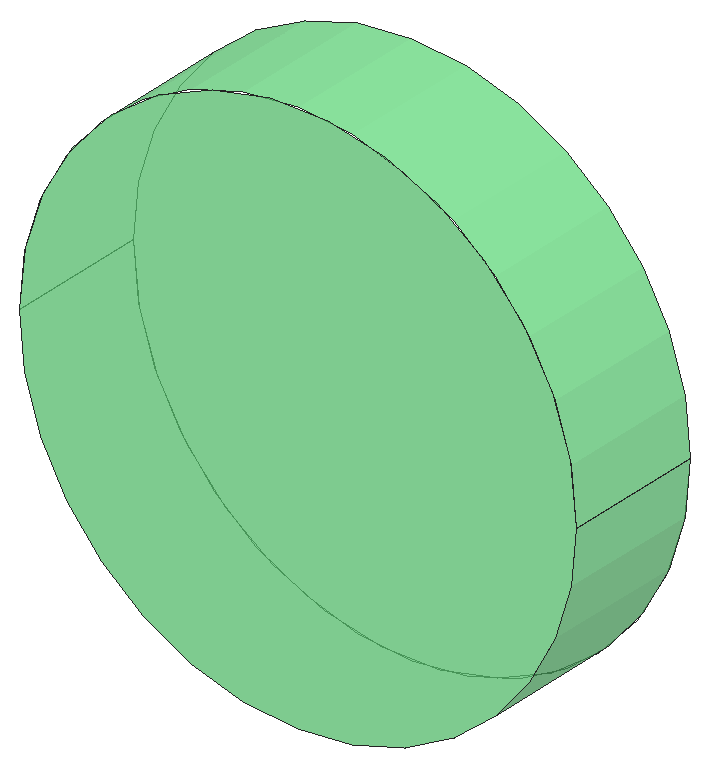
Revit family "501_MEP_Задание_Гильза_Стены", category Оборудование, Revit 2020
Family settings
  Размер круглого соединителя = Использовать диаметр
  Классификация = Нет
  Тип детали = Нормальный
  На основе рабочей плоскости = Нет
  Всегда вертикально = Да
  При загрузке вырезать с полостями = Нет
  Общий = Нет
  Точка расчета площади = Нет
Parameters (values of type "АУПТ")
  Отметка по умолчанию = 0 mm
  Ключевая пометка = "501_MEP"  # constant formula
  КП_Р_Толщина стенки = 6 mm
  Радиус (стандарт) [instance] = SYS_MAX / 2  # 500 mm
  КП_Р_Радиус [instance] = КП_Р_Диаметр / 2  # 550 mm
  SYS_MAX [instance] = if(Ширина > Высота, Ширина, Высота)  # 1000 mm
  КП_Р_Диаметр [instance] = SYS_MAX + Расширение границ * 2  # 1100 mm
  Заливка цветом = Заливка Цветная Прямоугольное Отверстие : Фиолетовый
  SYS_YES = 1 = 1  # yes
  SYS_WIDTH [instance] = Ширина / 2 + Расширение границ  # 550 mm
  Ширина [instance] = 1000 mm
  Толщина [instance] = 280 mm
  Расширение границ [instance] = 50 mm
  Описание = "Для плагина «Менеджер отверстий»"  # constant formula
  Комментарии к типоразмеру = "АУПТ"
  Группа модели = "Задание на гильзу в стене"  # constant formula
  SYS_OFFSET_UP [instance] = 0 mm
  SYS_OFFSET_DOWN [instance] = 0 mm
  SYS_NO = 1 = 0  # no
  SYS_HEIGHT [instance] = Высота / 2 + Расширение границ  # 550 mm
  Высота [instance] = 1000 mm
Types (5, lengths in mm): name | Заливка цветом | Комментарии к типоразмеру
  ОВ | Заливка Цветная Прямоугольное Отверстие : Желтый | "ОВ"
  ВК | Заливка Цветная Прямоугольное Отверстие : Синий | "ВК"
  ЭОМ | Заливка Цветная Прямоугольное Отверстие : Красный | "ЭОМ"
  СС | Заливка Цветная Прямоугольное Отверстие : Зеленый | "СС"
  АУПТ | Заливка Цветная Прямоугольное Отверстие : Фиолетовый | "АУПТ"
Reference planes
  plane 1 "Центр (Вперед/Назад)": y = 0
  plane 2 "Вниз": z = 0
  plane 3 "По центру (Влево/Вправо)": x = 0
  plane 4 "Вверх": z = 1000
  plane 5 "Влево": x = -500
  plane 6 "Вправо": x = 500
  plane 7 "Центр (Вверх/Вниз)": z = 500
  plane 8 "Назад": y = 140
  plane 9 "Вперед": y = -140
  plane 10: x = -550
  plane 11: z = 1050
  plane 12: x = 550
  plane 13: z = -50
  plane 14: z = 0
  plane 15: z = 1000
Forms (mm)
  Extrusion 1, solid
    sketch origin (-606.998, -140, 1200) x (-1, 0, 0) y (0, 0, 1)
      loop
        circle (-606.998, -700) r 550
    from 0 to 280 <- "Толщина"
Lines and regions (mm)
  model lines, style "00"
    curve 1: line (0, 0, 1000) -> (0, 0, 0)
  model lines, style "Обмен заданиями_MEP", detail levels fine
    curve 2: circle (0, -140, 500) r 500 normal (0, 1, 0)
    curve 3: circle (0, 140, 500) r 500 normal (0, 1, 0)
Dimensions and locks
  equal spacing: plane 5 "Влево", plane 3 "По центру (Влево/Вправо)", plane 6 "Вправо"
  equal spacing: plane 4 "Вверх", plane 7 "Центр (Вверх/Вниз)", plane 2 "Вниз"
  "Ширина": plane 5 "Влево" to plane 6 "Вправо"
  "Высота": plane 4 "Вверх" to plane 2 "Вниз"
  "Толщина": plane 8 "Назад" to plane 9 "Вперед"
  equal spacing: plane 8 "Назад", plane 1 "Центр (Вперед/Назад)", plane 9 "Вперед"
  "SYS_WIDTH": plane 3 "По центру (Влево/Вправо)" to plane 10
  "SYS_WIDTH": plane 12 to plane 3 "По центру (Влево/Вправо)"
  "SYS_HEIGHT": plane 7 "Центр (Вверх/Вниз)" to plane 13
  "SYS_HEIGHT": plane 11 to plane 7 "Центр (Вверх/Вниз)"
  "SYS_OFFSET_DOWN": plane 2 "Вниз" to plane 14
  "SYS_OFFSET_UP": plane 15 to plane 4 "Вверх"
  locked: plane 3 "По центру (Влево/Вправо)" to Extrusion 1 sketch curve
  locked: Extrusion 1 sketch curve to plane 7 "Центр (Вверх/Вниз)"
  locked: curve 3 to plane 3 "По центру (Влево/Вправо)"
  locked: plane 3 "По центру (Влево/Вправо)" to curve 2
  locked: curve 2 to plane 7 "Центр (Вверх/Вниз)"
  locked: curve 3 to plane 7 "Центр (Вверх/Вниз)" at 0
  "КП_Р_Диаметр": diameter of Extrusion 1 sketch curve
  "Радиус (стандарт)": radius of curve 3
  "Радиус (стандарт)": radius of curve 2
  aligned and locked: level to plane 2 "Вниз"
  aligned and locked: plane 3 "По центру (Влево/Вправо)" to nested 1
  aligned and locked: plane 1 "Центр (Вперед/Назад)" to nested 1
  aligned and locked: plane 15 to curve 1
  aligned and locked: plane 14 to curve 1
  aligned and locked: curve 1 to plane 3 "По центру (Влево/Вправо)"
Nested families
  nested 1: "Заливка Цветная Прямоугольное Отверстие" at (0, 0, 0), L <- "КП_Р_Диаметр", W <- "Толщина", План <- "SYS_YES", type <- "Заливка цветом", type "Фиолетовый"
    with Черный (план) no, Фиолетовый (план) yes, Синий (план) no, План yes, Оранжевый (план) no, Красный (план) no, Зеленый (план) no, Желтый (план) no, Голубой (план) no, W 280 mm, L 1100 mm, AW 50 mm, AL 50 mm
Definition of nested family "Заливка Цветная Прямоугольное Отверстие"
  Parameters (values of type "Зеленый")
    Черный (план) [instance] = and(Черный, План)  # no
    Черный = no
    Фиолетовый (план) [instance] = and(Фиолетовый, План)  # no
    Фиолетовый = no
    Синий (план) [instance] = and(Синий, План)  # no
    Синий = no
    План [instance] = yes
    Оранжевый (план) [instance] = and(Оранжевый, План)  # no
    Оранжевый = no
    Красный (план) [instance] = and(Красный, План)  # no
    Красный = no
    Зеленый (план) [instance] = and(Зеленый, План)  # yes
    Зеленый = yes
    Желтый (план) [instance] = and(Желтый, План)  # no
    Желтый = no
    Голубой (план) [instance] = and(Голубой, План)  # no
    Голубой = no
    L [instance] = 400 mm
    W [instance] = 200 mm
    AW [instance] = if(and(L > 500 mm, W > 500 mm), 100 mm, 50 mm)  # 50 mm
    AL [instance] = if(and(L > 500 mm, W > 500 mm), 100 mm, 50 mm)  # 50 mm
  Types (8, lengths in mm): name | Черный (план) | Черный | Фиолетовый (план) | Фиолетовый | Синий (план) | Синий | Оранжевый (план) | Оранжевый | Красный (план) | Красный | Зеленый (план) | Зеленый | Желтый (план) | Желтый | Голубой (план) | Голубой
    Красный | no | no | no | no | no | no | no | no | yes | yes | no | no | no | no | no | no
    Желтый | no | no | no | no | no | no | no | no | no | no | no | no | yes | yes | no | no
    Оранжевый | no | no | no | no | no | no | yes | yes | no | no | no | no | no | no | no | no
    Голубой | no | no | no | no | no | no | no | no | no | no | no | no | no | no | yes | yes
    Синий | no | no | no | no | yes | yes | no | no | no | no | no | no | no | no | no | no
    Фиолетовый | no | no | yes | yes | no | no | no | no | no | no | no | no | no | no | no | no
    Черный | yes | yes | no | no | no | no | no | no | no | no | no | no | no | no | no | no
    Зеленый | no | no | no | no | no | no | no | no | no | no | yes | yes | no | no | no | no
  Reference planes
    plane 1 "По центру (Вперед/Назад)": y = 0
    plane 2: z = 0
    plane 3 "По центру (Влево/Вправо)": x = 0
    plane 4: x = 200
    plane 5: x = -200
    plane 6: y = 100
    plane 7: y = -100
    plane 8: y = 50
    plane 9: x = -150
  Lines and regions (mm)
    Filled region 1, type "Черный", in view "Опорный уровень", visible <- "Черный"
      outline origin (0, 0, 0) x (1, 0, 0) y (0, 1, 0)
        loop
          line (-200, 100) -> (-200, -100) -> (-150, 50) -> (200, 100) -> (-200, 100)
    Filled region 2, type "Голубой", in view "Опорный уровень", visible <- "Голубой"
      outline origin (0, 0, 0) x (1, 0, 0) y (0, 1, 0)
        loop
          line (-200, 100) -> (-200, -100) -> (-150, 50) -> (200, 100) -> (-200, 100)
    Filled region 3, type "Желтый", in view "Опорный уровень", visible <- "Желтый"
      outline origin (0, 0, 0) x (1, 0, 0) y (0, 1, 0)
        loop
          line (-200, 100) -> (-200, -100) -> (-150, 50) -> (200, 100) -> (-200, 100)
    Filled region 4, type "Зеленый", in view "Опорный уровень", visible <- "Зеленый"
      outline origin (0, 0, 0) x (1, 0, 0) y (0, 1, 0)
        loop
          line (-200, 100) -> (-200, -100) -> (-150, 50) -> (200, 100) -> (-200, 100)
    Filled region 5, type "Красный", in view "Опорный уровень", visible <- "Красный"
      outline origin (0, 0, 0) x (1, 0, 0) y (0, 1, 0)
        loop
          line (-200, 100) -> (-200, -100) -> (-150, 50) -> (200, 100) -> (-200, 100)
    Filled region 6, type "Оранжевый", in view "Опорный уровень", visible <- "Оранжевый"
      outline origin (0, 0, 0) x (1, 0, 0) y (0, 1, 0)
        loop
          line (-200, 100) -> (-200, -100) -> (-150, 50) -> (200, 100) -> (-200, 100)
    Filled region 7, type "Синий", in view "Опорный уровень", visible <- "Синий"
      outline origin (0, 0, 0) x (1, 0, 0) y (0, 1, 0)
        loop
          line (-200, 100) -> (-200, -100) -> (-150, 50) -> (200, 100) -> (-200, 100)
    Filled region 8, type "Фиолетовый", in view "Опорный уровень", visible <- "Фиолетовый"
      outline origin (0, 0, 0) x (1, 0, 0) y (0, 1, 0)
        loop
          line (-200, 100) -> (-200, -100) -> (-150, 50) -> (200, 100) -> (-200, 100)
    Filled region 9, type "Черный", in view "Опорный уровень", visible <- "Черный (план)"
      outline origin (630.409, -492.529, 0) x (1, 0, 0) y (0, 1, 0)
        loop
          line (-780.409, 542.529) -> (-830.409, 392.529) -> (-430.409, 392.529) -> (-430.409, 592.529) -> (-780.409, 542.529)
    Filled region 10, type "Голубой", in view "Опорный уровень", visible <- "Голубой (план)"
      outline origin (520, -360, 0) x (1, 0, 0) y (0, 1, 0)
        loop
          line (-670, 410) -> (-720, 260) -> (-320, 260) -> (-320, 460) -> (-670, 410)
    Filled region 11, type "Желтый", in view "Опорный уровень", visible <- "Желтый (план)"
      outline origin (500, -320, 0) x (1, 0, 0) y (0, 1, 0)
        loop
          line (-300, 420) -> (-650, 370) -> (-700, 220) -> (-300, 220) -> (-300, 420)
    Filled region 12, type "Зеленый", in view "Опорный уровень", visible <- "Зеленый (план)"
      outline origin (630.409, -492.529, 0) x (1, 0, 0) y (0, 1, 0)
        loop
          line (-430.409, 592.529) -> (-780.409, 542.529) -> (-830.409, 392.529) -> (-430.409, 392.529) -> (-430.409, 592.529)
    Filled region 13, type "Красный", in view "Опорный уровень", visible <- "Красный (план)"
      outline origin (630.409, -492.529, 0) x (1, 0, 0) y (0, 1, 0)
        loop
          line (-780.409, 542.529) -> (-830.409, 392.529) -> (-430.409, 392.529) -> (-430.409, 592.529) -> (-780.409, 542.529)
    Filled region 14, type "Оранжевый", in view "Опорный уровень", visible <- "Оранжевый (план)"
      outline origin (630.409, -492.529, 0) x (1, 0, 0) y (0, 1, 0)
        loop
          line (-830.409, 392.529) -> (-430.409, 392.529) -> (-430.409, 592.529) -> (-780.409, 542.529) -> (-830.409, 392.529)
    Filled region 15, type "Синий", in view "Опорный уровень", visible <- "Синий (план)"
      outline origin (630.409, -492.529, 0) x (1, 0, 0) y (0, 1, 0)
        loop
          line (-830.409, 392.529) -> (-430.409, 392.529) -> (-430.409, 592.529) -> (-780.409, 542.529) -> (-830.409, 392.529)
    Filled region 16, type "Фиолетовый", in view "Опорный уровень", visible <- "Фиолетовый (план)"
      outline origin (580, -340, 0) x (1, 0, 0) y (0, 1, 0)
        loop
          line (-780, 240) -> (-380, 240) -> (-380, 440) -> (-730, 390) -> (-780, 240)
  Dimensions and locks
    equal spacing: plane 5, plane 3 "По центру (Влево/Вправо)", plane 4
    equal spacing: plane 6, plane 1 "По центру (Вперед/Назад)", plane 7
    "W": plane 6 to plane 7
    "L": plane 5 to plane 4
    plane 5 to plane 3 "По центру (Влево/Вправо)" = 200 mm
    "AL": plane 5 to plane 9
    "AW": plane 6 to plane 8
    aligned and locked: plane 5 to Filled region 1 sketch curve
    aligned and locked: plane 6 to Filled region 1 sketch curve
    aligned and locked: Filled region 16 sketch curve to Filled region 8  (x2)
    aligned and locked: Filled region 16 sketch curve to plane 7
    aligned and locked: Filled region 16 sketch curve to plane 4
    aligned and locked: Filled region 15 sketch curve to Filled region 8  (x2)
    aligned and locked: Filled region 15 sketch curve to plane 4
    aligned and locked: Filled region 15 sketch curve to plane 7
    aligned and locked: Filled region 14 sketch curve to Filled region 8  (x2)
    aligned and locked: Filled region 14 sketch curve to plane 4
    aligned and locked: Filled region 14 sketch curve to plane 7
    aligned and locked: Filled region 13 sketch curve to Filled region 8  (x2)
    aligned and locked: Filled region 13 sketch curve to plane 7
    aligned and locked: Filled region 13 sketch curve to plane 4
    aligned and locked: Filled region 12 sketch curve to plane 4
    aligned and locked: Filled region 12 sketch curve to plane 7
    aligned and locked: Filled region 12 sketch curve to Filled region 8  (x2)
    aligned and locked: Filled region 11 sketch curve to plane 4
    aligned and locked: Filled region 11 sketch curve to plane 7
    aligned and locked: Filled region 11 sketch curve to Filled region 8  (x2)
    aligned and locked: Filled region 10 sketch curve to Filled region 8  (x2)
    aligned and locked: Filled region 10 sketch curve to plane 7
    aligned and locked: Filled region 10 sketch curve to plane 4
    aligned and locked: Filled region 9 sketch curve to Filled region 8  (x2)
    aligned and locked: Filled region 9 sketch curve to plane 7
    aligned and locked: Filled region 9 sketch curve to plane 4
  Automatic sketch dimensions
    Filled region 1 sketch curve to plane 8 = 0 mm
    Filled region 1 sketch curve to plane 9 = 0 mm
    Filled region 1 sketch curve to plane 4 = 0 mm
    Filled region 1 sketch curve to plane 7 = 0 mm
    Filled region 2 sketch curve to plane 5 = 0 mm
    Filled region 2 sketch curve to plane 8 = 0 mm
    Filled region 2 sketch curve to plane 9 = 0 mm
    Filled region 2 sketch curve to plane 4 = 0 mm
    Filled region 2 sketch curve to plane 7 = 0 mm
    Filled region 2 sketch curve to plane 6 = 0 mm
    Filled region 3 sketch curve to plane 5 = 0 mm
    Filled region 3 sketch curve to plane 8 = 0 mm
    Filled region 3 sketch curve to plane 9 = 0 mm
    Filled region 3 sketch curve to plane 4 = 0 mm
    Filled region 3 sketch curve to plane 7 = 0 mm
    Filled region 3 sketch curve to plane 6 = 0 mm
    Filled region 4 sketch curve to plane 5 = 0 mm
    Filled region 4 sketch curve to plane 8 = 0 mm
    Filled region 4 sketch curve to plane 9 = 0 mm
    Filled region 4 sketch curve to plane 4 = 0 mm
    Filled region 4 sketch curve to plane 7 = 0 mm
    Filled region 4 sketch curve to plane 6 = 0 mm
    Filled region 5 sketch curve to plane 5 = 0 mm
    Filled region 5 sketch curve to plane 8 = 0 mm
    Filled region 5 sketch curve to plane 9 = 0 mm
    Filled region 5 sketch curve to plane 4 = 0 mm
    Filled region 5 sketch curve to plane 7 = 0 mm
    Filled region 5 sketch curve to plane 6 = 0 mm
    Filled region 6 sketch curve to plane 5 = 0 mm
    Filled region 6 sketch curve to plane 8 = 0 mm
    Filled region 6 sketch curve to plane 9 = 0 mm
    Filled region 6 sketch curve to plane 4 = 0 mm
    Filled region 6 sketch curve to plane 7 = 0 mm
    Filled region 6 sketch curve to plane 6 = 0 mm
    Filled region 7 sketch curve to plane 5 = 0 mm
    Filled region 7 sketch curve to plane 8 = 0 mm
    Filled region 7 sketch curve to plane 9 = 0 mm
    Filled region 7 sketch curve to plane 4 = 0 mm
    Filled region 7 sketch curve to plane 7 = 0 mm
    Filled region 7 sketch curve to plane 6 = 0 mm
    Filled region 8 sketch curve to plane 5 = 0 mm
    Filled region 8 sketch curve to plane 8 = 0 mm
    Filled region 8 sketch curve to plane 9 = 0 mm
    Filled region 8 sketch curve to plane 4 = 0 mm
    Filled region 8 sketch curve to plane 7 = 0 mm
    Filled region 8 sketch curve to plane 6 = 0 mm
